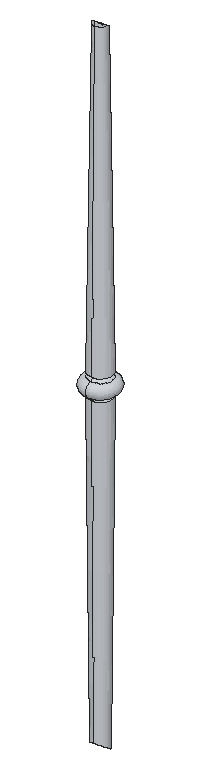
Revit family "난간동자 - 사용자 지정1", category 난간동자, Revit 2026
Family settings
  항상 수직 = 예
  로드될 때 보이드를 사용하여 절단 = 아니오
  공유 = 아니오
Parameters (values of type "25mm")
  built-in parameter 1008623 [instance] = 32.47°
  built-in parameter 1008625 [instance] = (empty or 0)
  Post = no
  built-in parameter 1008624 [instance] = 32.47°
  난간동자 재료 = none
  built-in parameter 1008622 [instance] = 762 mm
Reference planes
  plane 1 "중심 F/B": y = 0
  plane 2: z = 0
  plane 3 "중심 L/R": x = 0
  plane 4 "상단": z = 762
  plane 5 "상단 절단 각도": through (0, 345.134, 542.379) normal (0, -0.5369, -0.8437)
  plane 6: z = 990.6
  plane 7: z = 381
  plane 8: z = 393.7
  plane 9: z = 368.3
  plane 10 "하단 절단 각도": through (0, 0, 0) normal (0, -0.5369, -0.8437)
  plane 11: z = -228.6
  plane 12: y = 50.8
  plane 13: y = -50.8
  plane 14: x = 50.8
  plane 15: x = -50.8
Forms (mm)
  Revolve 1, solid, material <- "난간동자 재료"
    sketch origin (0, 0, 0) x (0, 1, 0) y (0, 0, 1)
      loop
        line (0, -228.6) -> (7.144, -228.6) -> (13.046, 368.399) -> (6.564, 368.3) -> (13.36, 373.058)
        arc (13.36, 373.058) -> (21.301, 381) -> (13.36, 388.942) r 7.942
        line (13.36, 388.942) -> (6.457, 393.775) -> (13.043, 393.775) -> (7.422, 762) -> (7.422, 990.6) -> (0, 990.6) -> (0, -228.6)
      axis (0, -228.6) -> (0, 990.6)
    angle from 0 to 360
  Extrusion 2, void
    sketch origin (0, 0, 0) x (0, 1, 0) y (0, 0, 1)
      loop
        line (-50.8, -228.6) -> (50.8, -228.6) -> (50.8, -32.326) -> (-50.8, 32.326) -> (-50.8, -228.6)
      loop
        line (50.8, 990.6) -> (-50.8, 990.6) -> (-50.8, 794.326) -> (50.8, 729.674) -> (50.8, 990.6)
    from -50.8 to 50.8
Cuts and joins
  Extrusion 2 cuts Revolve 1
Dimensions and locks
  "built-in parameter 1008622": plane 2 to plane 4 "상단"
  plane 4 "상단" to plane 6 = 228.6 mm
  equal spacing: plane 2, plane 7, plane 4 "상단"
  plane 9 to plane 7 to plane 8 = 12.7 mm, 12.7 mm
  locked: level to plane 11 at 228.6
  locked: plane 15 to plane 3 "중심 L/R" at 50.8
  locked: plane 3 "중심 L/R" to plane 14 at 50.8
  locked: plane 1 "중심 F/B" to plane 12 at 50.8
  locked: plane 13 to plane 1 "중심 F/B" at 50.8
  "built-in parameter 1008623": angle plane 4 "상단" to plane 5 "상단 절단 각도"
  "built-in parameter 1008624": angle level to plane 10 "하단 절단 각도"
  aligned and locked: Revolve 1 sketch curve to plane 11
  aligned and locked: Extrusion 2 sketch curve to plane 11
  aligned and locked: Extrusion 2 sketch curve to plane 12  (x2)
  aligned and locked: plane 13 to Extrusion 2 sketch curve  (x2)
  aligned and locked: Extrusion 2 sketch curve to plane 10 "하단 절단 각도"
  aligned and locked: Extrusion 2 to plane 14
  aligned and locked: Extrusion 2 to plane 15
  aligned and locked: Extrusion 2 sketch curve to plane 6
  aligned and locked: plane 5 "상단 절단 각도" to Extrusion 2 sketch curve
Automatic sketch dimensions
  Revolve 1 sketch curve to plane 1 "중심 F/B" = 0 mm  (x2)
  Revolve 1 sketch curve to plane 9 = 0 mm
  Revolve 1 sketch curve to plane 6 = 0 mm
  Revolve 1 sketch curve to plane 4 "상단" = 0 mm
  Revolve 1 sketch curve to plane 7 = 0 mm
  Revolve 1 sketch curve to plane 8 = 0.075 mm
  Revolve 1 sketch curve to plane 9 = 0.099 mm
  Revolve 1 sketch curve to Revolve 1 sketch curve = 4.659 mm
  Revolve 1 sketch curve to Revolve 1 sketch curve = 101.6 mm
  Revolve 1 sketch curve to Revolve 1 sketch curve = 152.4 mm
  Revolve 1 sketch curve to plane 1 "중심 F/B" = 6.457 mm
  Revolve 1 sketch curve to plane 1 "중심 F/B" = 6.564 mm
  Revolve 1 sketch curve to Revolve 1 sketch curve = 7.144 mm
  Revolve 1 sketch curve to Revolve 1 sketch curve = 7.422 mm
  Revolve 1 sketch curve to Revolve 1 sketch curve = 6.587 mm
  Revolve 1 sketch curve to Revolve 1 sketch curve = 6.482 mm
  Revolve 1 sketch curve to Revolve 1 sketch curve = 0.314 mm
